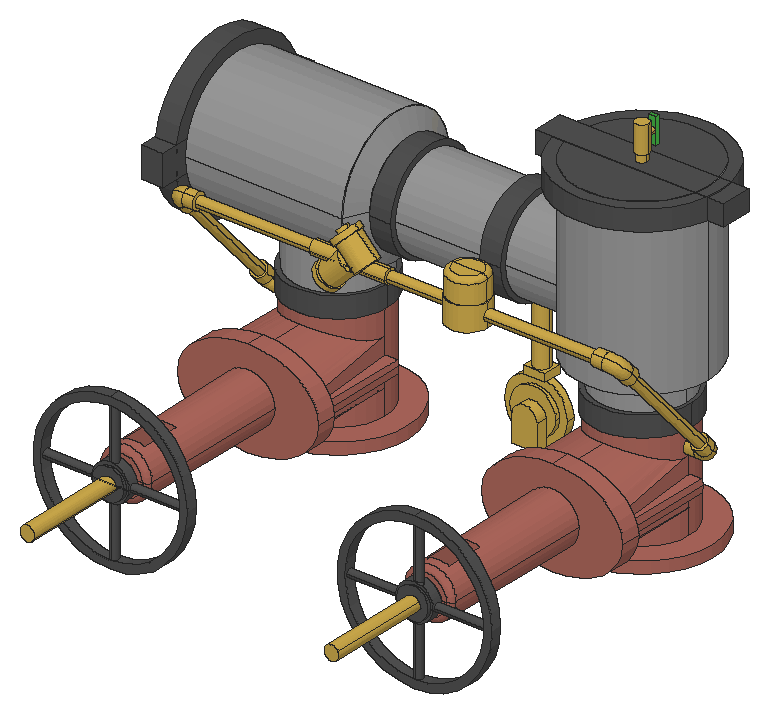
Revit family "Backflow_Preventer-RP-Zurn_Wilkins_Model_475STDAR_Flanged (4-10_inch)", category Pipe Accessories, Revit 2022 (continued)
Definition of nested family "475STDA Bypass"
  Definition of nested family "450STDA"
    Forms (in)
      Sweep 1, solid, detail levels fine
        profile origin (-7.125, 0, 6) x (0, 0, -1) y (0, -1, 0)
          loop
            circle (0, 0) r 0.5
      Sweep 2, solid, detail levels fine
        path origin (0, 0, 0) x (-1, 0, 0) y (0, 0, -1)
          loop
            line (-6.5, -6) -> (-7.75, -6)
            arc (-7.75, -6) -> (-8.28033, -5.78033) -> (-8.5, -5.25) r 0.75
            line (-8.5, -5.25) -> (-8.5, 5.25)
            arc (-8.5, 5.25) -> (-8.28033, 5.78033) -> (-7.75, 6) r 0.75
            line (-7.75, 6) -> (-4, 6)
        profile origin (7.125, 0, 6) x (0, 0, 1) y (0, -1, 0)
          loop
            circle (0, 0) r 0.5
      Sweep 3, solid, detail levels fine
        path origin (0, 0, 0) x (1, 0, 0) y (0, 0, 1)
          loop
            line (-6.5, 6) -> (-7.5, 6)
            arc (-7.5, 6) -> (-8.20711, 5.70711) -> (-8.5, 5) r 1
            line (-8.5, 5) -> (-8.5, 4)
        profile origin (-7, 0, 6) x (0, 0, -1) y (0, -1, 0)
          loop
            circle (0, 0) r 0.75
      Sweep 4, solid, detail levels fine
        path origin (0, 0, 0) x (-1, 0, 0) y (0, 0, -1)
          loop
            line (-6.5, -6) -> (-7.5, -6)
            arc (-7.5, -6) -> (-8.20711, -5.70711) -> (-8.5, -5) r 1
            line (-8.5, -5) -> (-8.5, -4)
        profile origin (7, 0, 6) x (0, 0, 1) y (0, -1, 0)
          loop
            circle (0, 0) r 0.75
      Sweep 5, solid, detail levels fine
        path origin (0, 0, 0) x (1, 0, 0) y (0, 0, 1)
          loop
            line (-6.5, -6) -> (-7.5, -6)
            arc (-7.5, -6) -> (-8.20711, -5.70711) -> (-8.5, -5) r 1
            line (-8.5, -5) -> (-8.5, -4)
        profile origin (-7, 0, -6) x (0, 0, -1) y (0, -1, 0)
          loop
            circle (0, 0) r 0.75
      Sweep 6, solid, detail levels fine
        path origin (0, 0, 0) x (-1, 0, 0) y (0, 0, -1)
          loop
            line (-6.5, 6) -> (-7.5, 6)
            arc (-7.5, 6) -> (-8.20711, 5.70711) -> (-8.5, 5) r 1
            line (-8.5, 5) -> (-8.5, 4)
        profile origin (7, 0, -6) x (0, 0, 1) y (0, -1, 0)
          loop
            circle (0, 0) r 0.75
    Cuts and joins
      joined: Sweep 1, Sweep 2, Sweep 3, Sweep 4, Sweep 5, Sweep 6
    Dimensions and locks (in)
      equal spacing: plane 5 "Right side Plane", plane 3 "Center (Left/Right)", plane 4 "Left Side Plane"
      "Pipe Length": plane 5 "Right side Plane" to plane 4 "Left Side Plane"
      equal spacing: plane 8 "Top Plane", plane 2, plane 9 "Bottom Plane"
      "Total pipe height": plane 8 "Top Plane" to plane 9 "Bottom Plane"
      equal spacing: plane 7 "Front Plane", plane 1 "Center (Front/Back)", plane 6 "Back Plane"
      "Width": plane 7 "Front Plane" to plane 6 "Back Plane"
      "Top End Connection": plane 10 to plane 4 "Left Side Plane"
      "Top End Connection": plane 5 "Right side Plane" to plane 11
      Sweep 3 sketch curve to plane 4 "Left Side Plane" = 0' - 2"
      plane 8 "Top Plane" to Sweep 3 sketch curve = 0' - 2"
      locked: Sweep 5 sketch curve to plane 9 "Bottom Plane" at 2
      locked: Sweep 5 sketch curve to plane 4 "Left Side Plane" at 2
      locked: plane 5 "Right side Plane" to Sweep 6 sketch curve at 2
      locked: Sweep 6 sketch curve to plane 9 "Bottom Plane" at 2
      locked: plane 5 "Right side Plane" to Sweep 4 sketch curve at 2
      locked: plane 8 "Top Plane" to Sweep 4 sketch curve at 2
      equal spacing: plane 13, plane 3 "Center (Left/Right)", plane 12
      "Bottom End Connection width": plane 13 to plane 12
      "Pipe radius": radius of Sweep 1 sketch curve
      "Pipe radius": radius of Sweep 2 sketch curve
      aligned and locked: plane 2 to level
      aligned and locked: Sweep 1 sketch curve to plane 8 "Top Plane"
      aligned and locked: plane 9 "Bottom Plane" to Sweep 1 sketch curve
      aligned and locked: Sweep 1 sketch curve to plane 4 "Left Side Plane"
      aligned and locked: plane 8 "Top Plane" to Sweep 2 sketch curve
      aligned and locked: Sweep 2 sketch curve to plane 9 "Bottom Plane"
      aligned and locked: Sweep 2 sketch curve to plane 5 "Right side Plane"
      aligned and locked: plane 10 to Sweep 1 sketch curve
      aligned and locked: plane 11 to Sweep 2 sketch curve
      aligned and locked: plane 4 "Left Side Plane" to Sweep 5 sketch curve
      aligned and locked: Sweep 5 sketch curve to plane 9 "Bottom Plane"
      aligned and locked: plane 5 "Right side Plane" to Sweep 6 sketch curve
      aligned and locked: plane 9 "Bottom Plane" to Sweep 6 sketch curve
      aligned and locked: Sweep 4 sketch curve to plane 5 "Right side Plane"
      aligned and locked: plane 8 "Top Plane" to Sweep 4 sketch curve
      aligned and locked: plane 12 to Sweep 1 sketch curve
      aligned and locked: plane 13 to Sweep 2 sketch curve
    Automatic sketch dimensions
      Sweep 1 sketch curve to Sweep 1 sketch curve = 0' - 0 3/4"
      plane 4 "Left Side Plane" to Sweep 1 sketch curve = 0' - 0 3/4"
      Sweep 2 sketch curve to Sweep 2 sketch curve = 0' - 0 3/4"
      Sweep 2 sketch curve to plane 5 "Right side Plane" = 0' - 0 3/4"
      Sweep 3 sketch curve to plane 4 "Left Side Plane" = 0' - 0"
      Sweep 3 sketch curve to plane 8 "Top Plane" = 0' - 0"
      plane 4 "Left Side Plane" to Sweep 3 sketch curve = 0' - 1"
      Sweep 3 sketch curve to plane 1 "Center (Front/Back)" = 0' - 0"
      Sweep 3 sketch curve to profile plane = 0' - 0"
      Sweep 4 sketch curve to plane 5 "Right side Plane" = 0' - 1"
      Sweep 4 sketch curve to plane 1 "Center (Front/Back)" = 0' - 0"
      profile plane to Sweep 4 sketch curve = 0' - 0"
      plane 4 "Left Side Plane" to Sweep 5 sketch curve = 0' - 1"
      Sweep 5 sketch curve to plane 1 "Center (Front/Back)" = 0' - 0"
      Sweep 5 sketch curve to profile plane = 0' - 0"
      Sweep 6 sketch curve to plane 5 "Right side Plane" = 0' - 1"
      Sweep 6 sketch curve to plane 1 "Center (Front/Back)" = 0' - 0"
      profile plane to Sweep 6 sketch curve = 0' - 0"
      Sweep 1 sketch curve to plane 1 "Center (Front/Back)" = 0' - 0"
      Sweep 1 sketch curve to profile plane = 0' - 0"
      Sweep 2 sketch curve to plane 1 "Center (Front/Back)" = 0' - 0"
      profile plane to Sweep 2 sketch curve = 0' - 0"
      radius of Sweep 3 sketch curve = 0' - 0 3/4"
      radius of Sweep 4 sketch curve = 0' - 0 3/4"
      radius of Sweep 5 sketch curve = 0' - 0 3/4"
      radius of Sweep 6 sketch curve = 0' - 0 3/4"
Definition of nested family "Zurn_Wilkins_Model_475STDAR-(4-10_Inch)"
  Parameters (values of type "4 inch")
    zero = 0' - 0"
    bottom of blend length = 0' - 0 1/2"
    Width = 1' - 0"
    Weight = ""
    URL = "http://www.zurn.com/"
    Top of Ball Valve Center = 2' - 1 13/32"
    Standards Compliance = ""
    Specification Sheet URL = ""
    Side Body Length = 1' - 2 5/16"
    Side Body Height = 0' - 6"
    Side Body Diameter = 0' - 4 1/2"
    Second coupling distance = 0' - 5"
    Right Side of Body Length = 0' - 7 9/16"
    Repair Parts URL = ""
    Rated Flow = 0 GPM
    Product Page URL = ""
    Product Install & Maintenance Sheet URL [instance] = ""
    Pressure Loss at Rated Flow = 0.00 psi
    Overall length = 1' - 8 1/2"
    Nominal Radius = 0' - 3 5/16"
    Nipple dia. = 0' - 1"
    Nipple Length = 0' - 0 1/8"
    Model = "450ST body"
    Max Working Water Temperature = 0 °F
    Max Working Water Pressure = 0.00 psi
    Manufacturer = "Zurn Wilkins"
    Loss Method = (empty or 0)
    Lg coupling width = 0' - 1 1/2"
    Lg coupling thickness = 0' - 1 31/32"
    Lg Coupling dia = Lg Coupling Radius * 2  # 0' - 7 9/32"
    Lg Coupling Radius = 0' - 3 41/64"
    Main Body Height = 0' - 10 5/8"
    Main Body Diameter = 0' - 6 5/8"
    Main Body Coupling Height = 0' - 1 15/16"
    Length = 2' - 0"
    Hydrostatic Test Pressure = 0.00 psi
    Height to Inlet = 0' - 6"
    Height = 1' - 0"
    Green Handle = 0' - 0.31842"
    Flow = ""
    Dim. A = 1' - 6 5/16"
    Dim to coupling = 0' - 7 3/8"
    Dim D = 0' - 4 31/32"
    Description = "450ST Double Check Valve Body"
    Default Elevation = 0' - 0"
    Coupling Radius = 0' - 2 13/16"
    Coupling Height = 0' - 1 1/2"
    Green Handle Width = 0' - 0.63283"
    Bottom coupling thickness = 0' - 1 1/4"
    Blend Width = 0' - 0 1/2"
    Ball Valve Length = 0' - 2 1/2"
    Ball Valve Handle Width = 0' - 0 5/32"
    Ball Valve Handle Height = 0' - 1 1/4"
    Ball Valve Handle Dia. = 0' - 0 1/2"
    Ball Valve Dia. = 0' - 1 1/4"
    4" Coupling dia = 0' - 5 1/2"
  Types (4): name | bottom of blend length | Side Body Length | Side Body Height | Side Body Diameter | Second coupling distance | Right Side of Body Length | Nominal Radius | Nipple Length | Lg coupling thickness | Lg Coupling dia | Lg Coupling Radius | Main Body Height | Main Body Diameter | Main Body Coupling Height | Height to Inlet | Dim. A | Dim to coupling | Dim D | Coupling Radius | Coupling Height | Bottom coupling thickness | Blend Width | Ball Valve Handle Width | 4" Coupling dia
    4 inch | 0' - 0 1/2" | 1' - 2 5/16" | 0' - 6" | 0' - 4 1/2" | 0' - 5" | 0' - 7 9/16" | 0' - 3 5/16" | 0' - 0 1/8" | 0' - 1 31/32" | 0' - 7 9/32" | 0' - 3 41/64" | 0' - 10 5/8" | 0' - 6 5/8" | 0' - 1 15/16" | 0' - 6" | 1' - 6 5/16" | 0' - 7 3/8" | 0' - 4 31/32" | 0' - 2 13/16" | 0' - 1 1/2" | 0' - 1 1/4" | 0' - 0 1/2" | 0' - 0 5/32" | 0' - 5 1/2"
    6" | 0' - 0 183/256" | 1' - 0 11/16" | 0' - 7 9/16" | 0' - 6 5/8" | 0' - 2 3/16" | 0' - 11 9/16" | 0' - 3" | 0' - 0 1/4" | 0' - 2 1/32" | 0' - 10 5/16" | 0' - 5 5/32" | 1' - 2 5/8" | 0' - 8 5/8" | 0' - 2" | 0' - 7 9/16" | 1' - 6 11/16" | 0' - 7 13/16" | 0' - 6 5/16" | 0' - 4 1/64" | 0' - 2" | 0' - 1 9/32" | 0' - 0 225/256" | 0' - 0 5/32" | 0' - 7 1/2"
    8" | 0' - 0 183/256" | 1' - 10 1/2" | 0' - 10" | 0' - 8 5/8" | 0' - 10 1/2" | 1' - 3" | 0' - 4" | 0' - 0 23/32" | 0' - 2 29/32" | 1' - 3" | 0' - 7 1/2" | 1' - 8 5/32" | 1' - 0 3/4" | 0' - 2" | 0' - 9 5/8" | 2' - 5" | 0' - 9 5/8" | 0' - 8 31/32" | 0' - 4 25/32" | 0' - 2" | 0' - 2" | 0' - 0 225/256" | 0' - 6 1/2" | 0' - 9 1/2"
    10" | 0' - 0 183/256" | 1' - 10 1/2" | 0' - 10" | 0' - 10 3/4" | 0' - 8" | 1' - 2" | 0' - 4 7/32" | 0' - 0 23/32" | 0' - 2 29/32" | 1' - 3" | 0' - 7 1/2" | 1' - 10 17/32" | 1' - 0 3/4" | 0' - 2 1/2" | 0' - 10" | 2' - 5" | 0' - 11 3/4" | 0' - 8 31/32" | 0' - 6 1/2" | 0' - 2" | 0' - 2" | 0' - 0 225/256" | 0' - 6 1/2" | 1' - 0 1/2"
  Reference planes (in)
    plane 1 "Center (Front/Back)": y = 0
    plane 2: z = 0
    plane 3 "Center (Left/Right)": x = 0
    plane 4 "Left Side Plane": x = -12
    plane 5 "Right side Plane": x = 12
    plane 6 "Back Plane": y = 6
    plane 7 "Front Plane": y = -6
    plane 8 "Top Plane": z = 6
    plane 9 "Bottom Plane": z = -6
    plane 10: x = 14.3125
    plane 11: x = 15.3125
    plane 12 "Dim A": x = 18.3125
    plane 13 "Center of Side Body": z = 6
    plane 14: x = 22.875
    plane 15: z = 1.5
    plane 16: z = 8.6875
    plane 17: x = 24.8125
    plane 18: x = 7.375
    plane 19: x = 8.875
    plane 20: z = 10.625
    plane 21: z = 10.75
    plane 22: x = 27.4375
    plane 23: y = 0
    plane 24: x = 33.90625
    plane 25: y = 0.31642
    plane 26: y = -0.31642
    plane 27: z = 7.25
    plane 28: z = 13.25
    plane 29: z = 12
    plane 30: x = 26.16783
    plane 31: y = -1.25
    plane 32: x = 0
    plane 33: z = 15.5
    plane 34: x = -0.31642
    plane 35: x = 0.31642
    plane 36: x = 24.9375
    plane 37: z = 7.56842
    plane 38: y = -1.56842
    plane 39: z = 2
    plane 40: z = 2.5
    plane 41: z = 0.96223
    plane 42: z = -0.53777
    plane 43: y = 2.25
    plane 44: y = -2.25
    plane 45: y = 2.8125
    plane 46: y = -2.8125
    plane 47: y = 3.3125
    plane 48: y = -3.3125
    plane 49: y = 4
    plane 50: y = -4
    plane 51: y = 0.625
    plane 52: y = -0.625
    plane 53: z = 0.625
    plane 54: z = -0.625
    plane 55: y = 4.96875
    plane 56: y = -4.96875
    plane 57: z = 6.78215
    plane 58: z = 6.98437
    plane 59: z = 5.01562
    plane 60: y = 0.98437
    plane 61: y = -0.98438
    plane 62: x = -4.96875
    plane 63: x = 4.96875
    plane 64: y = 0.98437
    plane 65: y = -0.98438
    plane 66: x = -4.96875
    plane 67 "wewdwewe": z = 0
    plane 68: x = 12.375
    plane 69: x = 13.875
  Forms (in)
    Extrusion 1, solid, detail levels fine
      sketch origin (0, 0, 0) x (1, 0, 0) y (0, 1, 0)
        loop
          circle (0, 0) r 2.25
      from 0 to 6
    Extrusion 2, solid, detail levels fine
      sketch origin (0, 0, 0) x (1, 0, 0) y (0, 1, 0)
        loop
          circle (0, 0) r 3.3125
      from 2.5 to 10.625
    Blend 3, solid, detail levels fine
      base sketch origin (0, 0, 0) x (1, 0, 0) y (0, 1, 0)
        loop
          circle (0, 0) r 2.25
      top sketch origin (0, 0, 0) x (1, 0, 0) y (0, 1, 0)
        loop
          circle (0, 0) r 3.3125
      from 2 to 2.5
    Extrusion 4, solid, detail levels fine
      sketch origin (0, 0, 0) x (1, 0, 0) y (0, 1, 0)
        loop
          circle (0, 0) r 3.64063
      from 8.6875 to 10.625
    Extrusion 5, solid, detail levels fine
      sketch origin (0, 0, 0) x (0, 1, 0) y (0, 0, 1)
        loop
          circle (0, 6) r 2.25
      from 0 to 14.3125
    Blend 6, solid, detail levels fine
      base sketch origin (0, 0, 0) x (0, 1, 0) y (0, 0, 1)
        loop
          circle (0, 6) r 2.25
      top sketch origin (0, 0, 0) x (0, 1, 0) y (0, 0, 1)
        loop
          circle (0, 6) r 3.3125
      from 14.3125 to 15.3125
    Extrusion 7, solid, detail levels fine
      sketch origin (0, 0, 0) x (1, 0, 0) y (0, 1, 0)
        loop
          circle (18.3125, 0) r 2.25
      from 0 to 6
    Extrusion 8, solid, detail levels fine
      sketch origin (0, 0, 0) x (0, 1, 0) y (0, 0, 1)
        loop
          circle (0, 6) r 3.3125
      from 15.3125 to 22.875
    Extrusion 9, solid, detail levels fine
      sketch origin (0, 0, 0) x (0, 1, 0) y (0, 0, 1)
        loop
          circle (0, 6) r 3.64063
      from 24.8125 to 22.875
    Extrusion 10, solid, detail levels fine
      sketch origin (0, 0, 0) x (0, 1, 0) y (0, 0, 1)
        loop
          circle (0, 6) r 2.8125
      from 7.375 to 8.875
    Extrusion 11, solid, detail levels fine
      sketch origin (0, 0, 0) x (1, 0, 0) y (0, 1, 0)
        loop
          circle (0, 0) r 0.5
      from 10.625 to 10.75
    Extrusion 12, solid, detail levels fine
      sketch origin (0, 0, 0) x (0, 1, 0) y (0, 0, 1)
        loop
          circle (0, 6) r 0.5
      from 24.8125 to 24.9375
    Extrusion 13, solid, detail levels fine
      sketch origin (0, 0, 0) x (0, 1, 0) y (0, 0, 1)
        loop
          circle (0, 6) r 0.625
      from 24.9375 to 27.4375
    Extrusion 14, solid, detail levels fine
      sketch origin (10.98033, 0, 0) x (1, 0, 0) y (0, 1, 0)
        loop
          circle (15.1875, 0) r 0.25
      from 6 to 7.25
    Extrusion 15, solid, detail levels fine
      sketch origin (8.5, 0, 0) x (1, 0, 0) y (0, 1, 0)
        loop
          line (16.4375, 0.31642) -> (16.4375, -0.31642) -> (18.9375, -0.31642) -> (18.9375, 0.31642) -> (16.4375, 0.31642)
      from 7.25 to 7.56842
    Extrusion 16, solid, detail levels fine
      sketch origin (0, 0, 0) x (1, 0, 0) y (0, 1, 0)
        loop
          circle (0, 0) r 0.625
      from 10.75 to 13.25
    Extrusion 17, solid, detail levels fine
      sketch origin (0, 0, 0) x (1, 0, 0) y (0, 0, 1)
        loop
          circle (0, 12) r 0.25
      from 0 to 1.25
    Extrusion 18, solid, detail levels fine
      sketch origin (0, 0, 0) x (1, 0, 0) y (0, 0, 1)
        loop
          line (-0.31642, 13.25) -> (-0.31642, 10.75) -> (0.31642, 10.75) -> (0.31642, 13.25) -> (-0.31642, 13.25)
      from 1.25 to 1.56842
    Extrusion 19, solid, detail levels fine
      sketch origin (0, 0, 0) x (1, 0, 0) y (0, 1, 0)
        loop
          circle (0, 0) r 2.75
        loop
          circle (18.3125, 0) r 2.75
      from -0.625 to 0.625
    Extrusion 20, solid, detail levels fine
      sketch origin (0, 0, 0) x (0, 1, 0) y (0, 0, 1)
        loop
          line (-4.96875, 6.98437) -> (-4.96875, 5.01562) -> (4.96875, 5.01562) -> (4.96875, 6.98437) -> (-4.96875, 6.98437)
      from 24.8125 to 22.875
    Extrusion 21, solid, detail levels fine
      sketch origin (0, 0, 0) x (1, 0, 0) y (0, 1, 0)
        loop
          line (-4.96875, 0.98437) -> (-4.96875, -0.98438) -> (4.96875, -0.98438) -> (4.96875, 0.98437) -> (-4.96875, 0.98437)
      from 8.6875 to 10.625
    Extrusion 22, solid, detail levels fine
      sketch origin (0, 0, 0) x (0, 1, 0) y (0, 0, 1)
        loop
          circle (0, 6) r 2.8125
      from 12.375 to 13.875
  Lines and regions (in)
    Masking region 1, detail levels fine
      outline origin (0, 0, 0) x (1, 0, 0) y (0, 1, 0)
        loop
          arc (2.86211, 2.25) -> (-0.70978, 3.57077) -> (-3.50502, 0.98437) r 3.64063
          line (-3.50502, 0.98437) -> (-4.96875, 0.98437) -> (-4.96875, -0.98438) -> (-3.50502, -0.98438)
          arc (-3.50502, -0.98438) -> (-0.70978, -3.57077) -> (2.86211, -2.25) r 3.64063
          line (2.86211, -2.25) -> (7.375, -2.25) -> (7.375, -2.8125) -> (8.875, -2.8125) -> (8.875, -2.25) -> (12.375, -2.25) -> (12.375, -2.8125) -> (13.875, -2.8125) -> (13.875, -2.25) -> (14.3125, -2.25) -> (15.3125, -3.3125) -> (22.875, -3.3125) -> (22.875, -4.96875) -> (24.8125, -4.96875) -> (24.8125, -0.625) -> (27.4375, -0.625) -> (27.4375, 0.625) -> (24.8125, 0.625) -> (24.8125, 4.96875) -> (22.875, 4.96875) -> (22.875, 3.3125) -> (15.3125, 3.3125) -> (14.3125, 2.25) -> (13.875, 2.25) -> (13.875, 2.8125) -> (12.375, 2.8125) -> (12.375, 2.25) -> (8.875, 2.25) -> (8.875, 2.8125) -> (7.375, 2.8125) -> (7.375, 2.25) -> (2.86211, 2.25)
  Dimensions and locks (in)
    equal spacing: plane 5 "Right side Plane", plane 3 "Center (Left/Right)", plane 4 "Left Side Plane"
    "Length": plane 5 "Right side Plane" to plane 4 "Left Side Plane"
    equal spacing: plane 8 "Top Plane", plane 2, plane 9 "Bottom Plane"
    "Height": plane 8 "Top Plane" to plane 9 "Bottom Plane"
    equal spacing: plane 7 "Front Plane", plane 1 "Center (Front/Back)", plane 6 "Back Plane"
    "Width": plane 7 "Front Plane" to plane 6 "Back Plane"
    "Side Body Length": plane 3 "Center (Left/Right)" to plane 10
    locked: plane 10 to plane 11 at 1
    "Dim. A": plane 3 "Center (Left/Right)" to plane 12 "Dim A"
    locked: Extrusion 7 sketch curve to plane 12 "Dim A"
    locked: Extrusion 7 sketch curve to plane 1 "Center (Front/Back)"
    "Height to Inlet": plane 13 "Center of Side Body" to plane 2
    "Right Side of Body Length": plane 14 to plane 11
    "Coupling Height": plane 15 to plane 2
    "Main Body Coupling Height": plane 17 to plane 14
    "Dim to coupling": plane 18 to plane 3 "Center (Left/Right)"
    "Coupling Height": plane 19 to plane 18
    "Main Body Height": plane 20 to plane 2
    "Main Body Coupling Height": plane 20 to plane 16
    "Nipple Length": plane 21 to plane 20
    Extrusion 12 sketch curve to plane 1 "Center (Front/Back)" = 0' - 0"
    "Ball Valve Length": plane 28 to plane 21
    equal spacing: plane 28, plane 29, plane 21, locked at 1.25 each
    plane 30 to plane 22 = 0' - 1.26967"
    locked: plane 30 to Extrusion 14 sketch curve
    locked: Extrusion 14 sketch curve to plane 1 "Center (Front/Back)"
    locked: Extrusion 17 sketch curve to plane 3 "Center (Left/Right)"
    locked: Extrusion 17 sketch curve to plane 29
    "Green Handle Width": plane 25 to plane 26
    "Green Handle Width": plane 35 to plane 34
    equal spacing: plane 35, plane 32, plane 34, locked at 0.31642 each
    "Height to Inlet": Extrusion 12 sketch curve to plane 2
    "Nipple Length": plane 17 to plane 36
    "Ball Valve Length": plane 36 to plane 22
    "Ball Valve Handle Height": plane 27 to plane 13 "Center of Side Body"
    "Green Handle": plane 37 to plane 27
    "Ball Valve Handle Height": plane 31 to plane 1 "Center (Front/Back)"
    "Green Handle": plane 31 to plane 38
    plane 17 to plane 3 "Center (Left/Right)" = 2' - 0 13/16"
    "bottom of blend length": plane 39 to plane 15
    "Blend Width": plane 40 to plane 39
    "Coupling Height": plane 41 to plane 42
    equal spacing: plane 44, plane 1 "Center (Front/Back)", plane 43
    "Coupling Radius": plane 46 to plane 1 "Center (Front/Back)" to plane 45
    equal spacing: plane 47, plane 1 "Center (Front/Back)", plane 48
    plane 50 to plane 1 "Center (Front/Back)" to plane 49 = 0' - 4" locked, 0' - 4" locked
    plane 51 to plane 1 "Center (Front/Back)" to plane 52 = 0' - 0 5/8" locked, 0' - 0 5/8" locked
    equal spacing: plane 53, level, plane 54
    "Bottom coupling thickness": plane 53 to plane 54
    equal spacing: plane 56, plane 1 "Center (Front/Back)", plane 55
    "Dim D": plane 1 "Center (Front/Back)" to plane 55
    equal spacing: plane 62, plane 3 "Center (Left/Right)", plane 63
    "Dim D": plane 3 "Center (Left/Right)" to plane 63
    equal spacing: plane 65, plane 1 "Center (Front/Back)", plane 64
    "Dim D": plane 66 to plane 3 "Center (Left/Right)"
    "Side Body Diameter": plane 44 to plane 43
    "Main Body Diameter": plane 47 to plane 48
    "Lg coupling thickness": plane 65 to plane 64
    equal spacing: plane 58, plane 13 "Center of Side Body", plane 59
    "Lg coupling thickness": plane 59 to plane 58
    equal spacing: plane 61, plane 1 "Center (Front/Back)", plane 60
    "Lg coupling thickness": plane 61 to plane 60
    "Second coupling distance": plane 68 to plane 18
    "Coupling Height": plane 69 to plane 68
    "Main Body Diameter": diameter of Blend 3 sketch curve
    "Main Body Diameter": diameter of Extrusion 2 sketch curve
    "Lg Coupling Radius": radius of Extrusion 4 sketch curve
    "Side Body Diameter": diameter of Extrusion 5 sketch curve
    "Side Body Diameter": diameter of Blend 6 sketch curve
    "Main Body Diameter": diameter of Blend 6 sketch curve
    "Main Body Diameter": diameter of Extrusion 8 sketch curve
    "Lg Coupling Radius": radius of Extrusion 9 sketch curve
    "Coupling Radius": radius of Extrusion 10 sketch curve
    "Nipple dia.": diameter of Extrusion 11 sketch curve
    "Nipple dia.": diameter of Extrusion 12 sketch curve
    "Ball Valve Dia.": diameter of Extrusion 13 sketch curve
    "Ball Valve Dia.": diameter of Extrusion 16 sketch curve
    "Ball Valve Handle Dia.": diameter of Extrusion 17 sketch curve
    "Ball Valve Handle Dia.": diameter of Extrusion 14 sketch curve
    "Side Body Diameter": diameter of Extrusion 7 sketch curve
    "Side Body Diameter": diameter of Extrusion 1 sketch curve
    "Side Body Diameter": diameter of Blend 3 sketch curve
    "4" Coupling dia": diameter of Extrusion 19 sketch curve  (x2)
    "Lg Coupling dia": diameter of Masking region 1 sketch curve  (x2)
    "Coupling Radius": radius of Extrusion 22 sketch curve
    aligned and locked: plane 2 to level
    aligned and locked: Blend 3 to Extrusion 2
    aligned and locked: Extrusion 4 to Extrusion 2
    aligned and locked: Extrusion 5 to plane 3 "Center (Left/Right)"
    aligned and locked: Extrusion 5 to plane 10
    aligned and locked: Blend 6 to plane 11
    aligned and locked: Blend 6 to Extrusion 5
    aligned and locked: plane 13 "Center of Side Body" to Extrusion 7
    aligned and locked: plane 11 to Extrusion 8
    aligned and locked: plane 14 to Extrusion 8
    aligned and locked: plane 14 to Extrusion 9
    aligned and locked: Extrusion 9 to plane 17
    aligned and locked: Extrusion 10 to plane 18
    aligned and locked: plane 19 to Extrusion 10
    aligned and locked: Extrusion 4 to plane 20
    aligned and locked: plane 20 to Extrusion 11
    aligned and locked: Extrusion 11 to plane 21
    aligned and locked: Extrusion 7 to Extrusion 14
    aligned and locked: Extrusion 15 sketch curve to plane 25
    aligned and locked: plane 26 to Extrusion 15 sketch curve
    aligned and locked: plane 21 to Extrusion 16
    aligned and locked: Extrusion 16 to plane 28
    aligned and locked: plane 23 to plane 1 "Center (Front/Back)"
    aligned and locked: Extrusion 17 to plane 31
    aligned and locked: plane 28 to Extrusion 18 sketch curve
    aligned and locked: Extrusion 18 sketch curve to plane 21
    aligned and locked: Extrusion 18 sketch curve to plane 34
    aligned and locked: plane 35 to Extrusion 18 sketch curve
    aligned and locked: plane 32 to plane 3 "Center (Left/Right)"
    aligned and locked: plane 16 to Extrusion 4
    aligned and locked: Extrusion 12 to plane 17
    aligned and locked: Extrusion 12 to plane 36
    aligned and locked: plane 36 to Extrusion 13
    aligned and locked: plane 22 to Extrusion 13
    aligned and locked: plane 27 to Extrusion 14
    aligned and locked: plane 36 to Extrusion 15
    aligned and locked: plane 22 to Extrusion 15
    aligned and locked: Extrusion 15 to plane 27
    aligned and locked: plane 37 to Extrusion 15
    aligned and locked: plane 31 to Extrusion 18
    aligned and locked: plane 38 to Extrusion 18
    aligned and locked: plane 13 "Center of Side Body" to Extrusion 1
    aligned and locked: Blend 3 to plane 39
    aligned and locked: plane 40 to Extrusion 2
    aligned and locked: Extrusion 1 to plane 2
    aligned and locked: plane 3 "Center (Left/Right)" to Masking region 1 sketch curve  (x2)
    aligned and locked: plane 1 "Center (Front/Back)" to Masking region 1 sketch curve  (x2)
    aligned and locked: Masking region 1 sketch curve to plane 14
    aligned and locked: plane 14 to Masking region 1 sketch curve
    aligned and locked: Masking region 1 sketch curve to plane 17
    aligned and locked: plane 17 to Masking region 1 sketch curve
    aligned and locked: plane 19 to Masking region 1 sketch curve
    aligned and locked: Masking region 1 sketch curve to plane 18
    aligned and locked: plane 18 to Masking region 1 sketch curve
    aligned and locked: Masking region 1 sketch curve to plane 19
    aligned and locked: plane 10 to Masking region 1 sketch curve  (x2)
    aligned and locked: plane 11 to Masking region 1 sketch curve  (x2)
    aligned and locked: Masking region 1 sketch curve to plane 43  (x3)
    aligned and locked: plane 44 to Masking region 1 sketch curve  (x4)
    aligned and locked: Masking region 1 sketch curve to plane 45
    aligned and locked: plane 46 to Masking region 1 sketch curve
    aligned and locked: plane 47 to Masking region 1 sketch curve
    aligned and locked: Masking region 1 sketch curve to plane 48
    aligned and locked: plane 43 to Masking region 1 sketch curve
    aligned and locked: plane 22 to Masking region 1 sketch curve
    aligned and locked: plane 51 to Masking region 1 sketch curve
    aligned and locked: Masking region 1 sketch curve to plane 52
    aligned and locked: plane 3 "Center (Left/Right)" to Extrusion 19 sketch curve
    aligned and locked: plane 1 "Center (Front/Back)" to Extrusion 19 sketch curve  (x2)
    aligned and locked: plane 12 "Dim A" to Extrusion 19 sketch curve
    aligned and locked: Extrusion 19 to plane 54
    aligned and locked: plane 53 to Extrusion 19
    aligned and locked: plane 58 to Extrusion 20 sketch curve
    aligned and locked: plane 59 to Extrusion 20 sketch curve
    aligned and locked: Extrusion 20 sketch curve to plane 55
    aligned and locked: Extrusion 20 sketch curve to plane 56
    aligned and locked: Extrusion 9 to Extrusion 20
    aligned and locked: Extrusion 20 to plane 14
    aligned and locked: plane 55 to Masking region 1 sketch curve
    aligned and locked: Masking region 1 sketch curve to plane 56
    aligned and locked: plane 61 to Extrusion 21 sketch curve
    aligned and locked: plane 60 to Extrusion 21 sketch curve
    aligned and locked: plane 62 to Extrusion 21 sketch curve
    aligned and locked: plane 63 to Extrusion 21 sketch curve
    aligned and locked: Extrusion 21 to Extrusion 4
    aligned and locked: Extrusion 21 to Extrusion 2
    aligned and locked: Masking region 1 sketch curve to plane 64
    aligned and locked: Masking region 1 sketch curve to plane 66
    aligned and locked: Masking region 1 sketch curve to plane 65
    aligned and locked: plane 65 to Masking region 1 sketch curve
    aligned and locked: plane 1 "Center (Front/Back)" to Extrusion 8 sketch curve
    aligned and locked: plane 13 "Center of Side Body" to Extrusion 8 sketch curve
    aligned and locked: plane 1 "Center (Front/Back)" to Extrusion 5 sketch curve
    aligned and locked: plane 13 "Center of Side Body" to Extrusion 5 sketch curve
    aligned and locked: plane 1 "Center (Front/Back)" to Extrusion 10 sketch curve
    aligned and locked: plane 13 "Center of Side Body" to Extrusion 10 sketch curve
    aligned and locked: plane 1 "Center (Front/Back)" to Blend 6 sketch curve  (x2)
    aligned and locked: plane 13 "Center of Side Body" to Blend 6 sketch curve  (x2)
    aligned and locked: plane 1 "Center (Front/Back)" to Extrusion 9 sketch curve
    aligned and locked: plane 13 "Center of Side Body" to Extrusion 9 sketch curve
    aligned and locked: plane 1 "Center (Front/Back)" to Extrusion 2 sketch curve
    aligned and locked: plane 3 "Center (Left/Right)" to Extrusion 2 sketch curve
    aligned and locked: plane 3 "Center (Left/Right)" to Blend 3 sketch curve  (x2)
    aligned and locked: plane 1 "Center (Front/Back)" to Blend 3 sketch curve  (x2)
    aligned and locked: plane 3 "Center (Left/Right)" to Extrusion 1 sketch curve
    aligned and locked: plane 1 "Center (Front/Back)" to Extrusion 1 sketch curve
    aligned and locked: plane 3 "Center (Left/Right)" to Extrusion 4 sketch curve
    aligned and locked: plane 1 "Center (Front/Back)" to Extrusion 4 sketch curve
    aligned and locked: plane 1 "Center (Front/Back)" to Extrusion 11 sketch curve
    aligned and locked: plane 3 "Center (Left/Right)" to Extrusion 11 sketch curve
    aligned and locked: plane 3 "Center (Left/Right)" to Extrusion 16 sketch curve
    aligned and locked: plane 1 "Center (Front/Back)" to Extrusion 16 sketch curve
    aligned and locked: Extrusion 7 to level
    aligned and locked: level to plane 67 "wewdwewe"
    aligned and locked: plane 1 "Center (Front/Back)" to Extrusion 13 sketch curve
    aligned and locked: plane 13 "Center of Side Body" to Extrusion 13 sketch curve
    aligned and locked: plane 1 "Center (Front/Back)" to Extrusion 22 sketch curve
    aligned and locked: plane 13 "Center of Side Body" to Extrusion 22 sketch curve
    aligned and locked: plane 69 to Extrusion 22
    aligned and locked: Extrusion 22 to plane 68
    aligned and locked: Masking region 1 sketch curve to plane 46
    aligned and locked: plane 69 to Masking region 1 sketch curve
    aligned and locked: Masking region 1 sketch curve to plane 68
    aligned and locked: plane 45 to Masking region 1 sketch curve
    aligned and locked: Masking region 1 sketch curve to plane 69
    aligned and locked: plane 68 to Masking region 1 sketch curve
  Automatic sketch dimensions
    Extrusion 15 sketch curve to plane 36 = 0' - 0"
    plane 22 to Extrusion 15 sketch curve = 0' - 0"
Definition of nested family "Symbolic diagram 475DAOSY_F"
  Parameters (values of type "8"")
    Width = 1' - 0"
    Weight = ""
    URL = "www.zurn.com/"
    Symbol total length = 3' - 6 3/16"
    Standards Compliance = ""
    Specification Sheet URL = ""
    Repair Parts URL = ""
    Rated Flow = 0 GPM
    Product Page URL = ""
    Product Install & Maintenance Sheet URL [instance] = ""
    Pressure Loss at Rated Flow = 0.00 psi
    Nominal Radius = 0' - 0"
    Nominal Diameter = 0' - 0"
    Max Working Water Temperature = 0 °F
    Max Working Water Pressure = 0.00 psi
    Manufacturer = "Zurn Wilkins"
    Length = 2' - 0"
    Hydrostatic Test Pressure = 0.00 psi
    Height = 1' - 0"
    Flow = ""
    Default Elevation = 0' - 0"
  Types (4): name | Symbol total length
    4" | 2' - 4 7/8"
    6" | 2' - 10 1/16"
    8" | 3' - 6 3/16"
    10" | 3' - 7 11/16"
  Reference planes (in)
    plane 1 "Center (Front/Back)": y = 0
    plane 2: z = 0
    plane 3 "Center (Left/Right)": x = 0
    plane 4 "Left Side Plane": x = -12
    plane 5 "Right side Plane": x = 12
    plane 6 "Back Plane": y = 6
    plane 7 "Front Plane": y = -6
    plane 8 "Top Plane": z = 6
    plane 9 "Bottom Plane": z = -6
    plane 10: z = 1.875
    plane 11: z = -1.875
    plane 12: x = 0.75
    plane 13: x = -0.75
    plane 14: x = -6.25
    plane 15: x = -7.75
    plane 16: x = -11.75
    plane 17: x = 6.25
    plane 18: x = 7.75
    plane 19: x = 11.75
    plane 20: x = -3.5
    plane 21: x = -9.75
    plane 22: x = 3.5
    plane 23: x = 9.75
    plane 24: z = 8.3125
    plane 25: z = 9.75
    plane 26: x = -21.09375
    plane 27: x = 21.09375
    plane 28: z = -4
    plane 29: z = -7.9375
    plane 30: z = -5.96875
    plane 31: z = -8.9375
    plane 32: y = 1.875
    plane 33: y = -1.875
    plane 34: y = 8.3125
    plane 35: y = 9.75
    plane 36: y = -4
    plane 37: y = -7.9375
    plane 38: y = -5.96875
    plane 39: y = 3
    plane 40: y = -8.9375
    plane 41: z = 0
    plane 42: z = -3.25
    plane 43: x = -2.25
    plane 44: x = 4.75
    plane 45: z = -2.75
    plane 46: z = -3.75
    plane 47: y = -3.25
    plane 48: y = -2.75
    plane 49: y = -3.75
    plane 50: x = 7
    plane 51: x = -7
    plane 52: z = 7.5
    plane 53: x = -5.5
    plane 54: x = -2.6875
    plane 55: z = 8.625
    plane 56: z = 6.375
    plane 57: x = -1.46875
    plane 58: x = 1.875
    plane 59: x = 2.71875
    plane 60: x = 6.0625
    plane 61: x = 2.28197
    plane 62: y = 7.5
  Lines and regions (in)
    symbolic lines, detail levels coarse+medium
      curve 1: line (-0.75, 0, 1.875) -> (-0.75, 0, -1.875)
      curve 2: line (-0.75, 0, -1.875) -> (-6.25, 0, 1.875)
      curve 3: line (-6.25, 0, 1.875) -> (-6.25, 0, -1.875)
      curve 4: line (-6.25, 0, 0) -> (-7.75, 0, 0)
      curve 5: line (-7.75, 0, -1.875) -> (-7.75, 0, 1.875)
      curve 6: line (-7.75, 0, 1.875) -> (-11.75, 0, -1.875)
      curve 7: line (-11.75, 0, -1.875) -> (-11.75, 0, 1.875)
      curve 8: line (-11.75, 0, 1.875) -> (-7.75, 0, -1.875)
      curve 9: line (-0.75, 0, 0) -> (0.75, 0, 0)
      curve 10: line (0.75, 0, -1.875) -> (0.75, 0, 1.875)
      curve 11: line (0.75, 0, 1.875) -> (6.25, 0, -1.875)
      curve 12: line (6.25, 0, -1.875) -> (6.25, 0, 1.875)
      curve 13: line (6.25, 0, 0) -> (7.75, 0, 0)
      curve 14: line (7.75, 0, -1.875) -> (7.75, 0, 1.875)
      curve 15: line (7.75, 0, 1.875) -> (11.75, 0, -1.875)
      curve 16: line (11.75, 0, -1.875) -> (11.75, 0, 1.875)
      curve 17: line (11.75, 0, 1.875) -> (7.75, 0, -1.875)
      curve 18: line (-9.75, 0, 0) -> (-9.75, 0, 9.75)
      curve 19: line (-11.75, 0, 1.875) -> (-9.75, 0, 8.3125)
      curve 20: line (-10.75, 0, 8.3125) -> (-8.75, 0, 8.3125)
      curve 21: line (10.75, 0, 8.3125) -> (8.75, 0, 8.3125)
      curve 22: line (-9.75, 0, 8.3125) -> (-7.75, 0, 1.875)
      curve 23: line (7.75, 0, 1.875) -> (9.75, 0, 8.3125)
      curve 24: line (11.75, 0, 1.875) -> (9.75, 0, 8.3125)
      curve 25: line (9.75, 0, 0) -> (9.75, 0, 9.75)
      curve 26: line (0, 0, 0) -> (0, 0, -4)
      curve 27: line (-0.75, 0, -4) -> (0.75, 0, -4)
      curve 28: line (0.75, 0, -4) -> (-0.75, 0, -7.9375)
      curve 29: line (-0.75, 0, -7.9375) -> (0.75, 0, -7.9375)
      curve 30: line (0.75, 0, -7.9375) -> (-0.75, 0, -4)
      curve 31: line (0, 0, -5.96875) -> (-3, 0, -5.96875)
      curve 32: line (-0.72619, 0, -5.5816) -> (-1.16541, 0, -6.40765)
      curve 33: line (-1.22619, 0, -5.5816) -> (-1.66541, 0, -6.40765)
      curve 34: line (-3.5, 0, 0) -> (-3.5, 0, 3)
      curve 35: line (3.5, 0, 0) -> (3.5, 0, 3)
      curve 36: line (12, 0, 0) -> (21.09375, 0, 0)
      curve 37: line (-21.09375, 0, 0) -> (-12, 0, 0)
      curve 38: line (0, 0, -7.9375) -> (0, 0, -8.9375)
      curve 79: line (-6.25, 0, -3.25) -> (-2.25, 0, -3.25)
      curve 80: line (-2.25, 0, -2.75) -> (-0.75, 0, -3.25)
      curve 81: line (-0.75, 0, -3.25) -> (-2.25, 0, -3.75)
      curve 82: line (-2.25, 0, -3.75) -> (-2.25, 0, -2.75)
      curve 83: line (0.75, 0, -3.25) -> (4.75, 0, -3.25)
      curve 84: line (4.75, 0, -2.75) -> (4.75, 0, -3.75)
      curve 85: line (4.75, 0, -2.75) -> (6.25, 0, -3.25)
      curve 86: line (6.25, 0, -3.25) -> (4.75, 0, -3.75)
      curve 95: line (0, 0, 1.875) -> (0, 0, -1.875)
      curve 96: line (0, -1.875, 0) -> (0, 1.875, 0)
      curve 97: line (-7, 0, 0) -> (-7, 0, 7.5)
      curve 98: line (-7, 0, 7.5) -> (-5.5, 0, 7.5)
      curve 99: line (-5.5, 0, 8.625) -> (-5.5, 0, 6.375)
      curve 100: line (-2.6875, 0, 8.625) -> (-2.6875, 0, 6.375)
      curve 101: line (-4.78125, 0, 6.83182) -> (-4.78125, 0, 8.125)
      curve 102: line (-4.78125, 0, 8.125) -> (-4.0625, 0, 7.21816)
      curve 103: line (-3.34375, 0, 8.125) -> (-3.34375, 0, 6.83182)
      curve 104: line (-4.0625, 0, 7.21816) -> (-3.34375, 0, 8.125)
      curve 105: line (-1.46875, 0, 8.625) -> (-1.46875, 0, 6.375)
      curve 106: line (1.875, 0, 8.625) -> (1.875, 0, 6.375)
      curve 107: line (-1.46875, 0, 8.625) -> (1.875, 0, 6.375)
      curve 108: line (0.20313, 0, 7.5) -> (0.20313, 0, 9.5)
      curve 109: line (1.78197, 0, 5.21198) -> (2.78197, 0, 5.21198)
      curve 110: line (2.78197, 0, 5.21198) -> (1.78197, 0, 2.58698)
      curve 111: line (1.78197, 0, 2.58698) -> (2.78197, 0, 2.58698)
      curve 112: line (2.78197, 0, 2.58698) -> (1.78197, 0, 5.21198)
      curve 113: line (2.28197, 0, 3.89948) -> (-0.21803, 0, 3.89948)
      curve 114: line (0.96451, 0, 4.15758) -> (0.67169, 0, 3.60688)
      curve 115: line (0.63118, 0, 4.15758) -> (0.33836, 0, 3.60688)
      curve 116: line (-2.21803, 0, 5.71198) -> (-0.05136, 0, 5.71198)
      curve 117: line (-0.05136, 0, 5.37864) -> (-0.05136, 0, 6.04531)
      curve 118: line (2.78197, 0, 5.71198) -> (4.94864, 0, 5.71198)
      curve 119: line (4.94864, 0, 6.04531) -> (4.94864, 0, 5.37864)
      curve 120: line (4.94864, 0, 6.04531) -> (5.78197, 0, 5.71198)
      curve 121: line (5.78197, 0, 5.71198) -> (4.94864, 0, 5.37864)
      curve 122: line (2.71875, 0, 8.625) -> (2.71875, 0, 6.375)
      curve 123: line (6.0625, 0, 8.625) -> (6.0625, 0, 6.375)
      curve 124: line (2.71875, 0, 8.625) -> (6.0625, 0, 6.375)
      curve 125: line (4.39063, 0, 7.5) -> (4.39063, 0, 9.5)
      curve 126: line (1.875, 0, 7.5) -> (2.71875, 0, 7.5)
      curve 127: line (2.28197, 0, 5.21198) -> (2.28197, 0, 7.5)
      curve 128: line (7, 0, 0) -> (7, 0, 7.5)
      curve 129: line (7, 0, 7.5) -> (6.0625, 0, 7.5)
      curve 130: line (-2.6875, 0, 7.5) -> (-1.46875, 0, 7.5)
      curve 131: line (-0.31502, 0, 8.8495) -> (0.72127, 0, 8.1505)
      curve 132: line (2.28197, 0, 2.58698) -> (2.28197, 0, 1.875)
      curve 167: line (-12, 0, -1.875) -> (-12, 0, 1.875)
      curve 168: line (12, 0, -1.875) -> (12, 0, 1.875)
      curve 171: line (2.84832, 0, 1.18484) -> (4.27189, 0, 0.40957)
      curve 172: line (1.32061, 0, 4.15758) -> (1.0278, 0, 3.60688)
      curve 173: line (-1.66852, 0, -5.5816) -> (-2.10775, 0, -6.40765)
      curve 174: line (-0.05136, 0, 6.04531) -> (0.78197, 0, 5.71198)
      curve 175: line (0.78197, 0, 5.71198) -> (-0.05136, 0, 5.37864)
      curve 176: line (-0.31502, 0, 8.48006) -> (0.72127, 0, 7.78107)
      curve 177: line (-0.31502, 0, 9.23006) -> (0.72127, 0, 8.53107)
      curve 178: line (3.87248, 0, 8.8495) -> (4.90877, 0, 8.1505)
      curve 179: line (3.87248, 0, 8.48006) -> (4.90877, 0, 7.78107)
      curve 180: line (3.87248, 0, 9.23006) -> (4.90877, 0, 8.53107)
      curve 194: arc (-5.5, 0, 8.625) -> (-4.09375, 0, 8.95577) -> (-2.6875, 0, 8.625) r 3.15472
      curve 195: arc (-5.5, 0, 6.375) -> (-4.09375, 0, 6.04423) -> (-2.6875, 0, 6.375) r 3.15472
      curve 196: line (2.84832, 0, 1.68484) -> (4.27189, 0, 0.90957)
      curve 197: line (2.84832, 0, 2.18484) -> (4.27189, 0, 1.40957)
      curve 198: line (-4.15168, 0, 1.18484) -> (-2.72811, 0, 0.40957)
      curve 199: line (-4.15168, 0, 1.68484) -> (-2.72811, 0, 0.90957)
      curve 200: line (-4.15168, 0, 2.18484) -> (-2.72811, 0, 1.40957)
    model lines, detail levels coarse+medium
      curve 39: line (-0.75, 1.875, 0) -> (-0.75, -1.875, 0)
      curve 40: line (-0.75, -1.875, 0) -> (-6.25, 1.875, 0)
      curve 41: line (-6.25, 1.875, 0) -> (-6.25, -1.875, 0)
      curve 42: line (-6.25, 0, 0) -> (-7.75, 0, 0)
      curve 43: line (-7.75, 1.875, 0) -> (-7.75, -1.875, 0)
      curve 44: line (-7.75, -1.875, 0) -> (-11.75, 1.875, 0)
      curve 45: line (-11.75, 1.875, 0) -> (-11.75, -1.875, 0)
      curve 46: line (-11.75, -1.875, 0) -> (-7.75, 1.875, 0)
      curve 47: line (-12.25, 0, 0) -> (-21.09375, 0, 0)
      curve 48: line (0.75, -1.875, 0) -> (0.75, 1.875, 0)
      curve 49: line (0.75, 1.875, 0) -> (6.25, -1.875, 0)
      curve 50: line (6.25, -1.875, 0) -> (6.25, 1.875, 0)
      curve 51: line (6.25, 0, 0) -> (7.75, 0, 0)
      curve 52: line (7.75, 1.875, 0) -> (7.75, -1.875, 0)
      curve 53: line (7.75, -1.875, 0) -> (11.75, 1.875, 0)
      curve 54: line (7.75, 1.875, 0) -> (11.75, -1.875, 0)
      curve 55: line (11.75, -1.875, 0) -> (11.75, 1.875, 0)
      curve 56: line (12.25, 0, 0) -> (21.09375, 0, 0)
      curve 57: line (-0.75, 0, 0) -> (0.75, 0, 0)
      curve 58: line (-10.75, 8.3125, 0) -> (-8.75, 8.3125, 0)
      curve 59: line (-9.75, 0, 0) -> (-9.75, 9.75, 0)
      curve 60: line (-11.75, 1.875, 0) -> (-9.75, 8.3125, 0)
      curve 61: line (-7.75, 1.875, 0) -> (-9.75, 8.3125, 0)
      curve 62: line (8.75, 8.3125, 0) -> (10.75, 8.3125, 0)
      curve 63: line (9.75, 9.75, 0) -> (9.75, 0, 0)
      curve 64: line (7.75, 1.875, 0) -> (9.75, 8.3125, 0)
      curve 65: line (11.75, 1.875, 0) -> (9.75, 8.3125, 0)
      curve 66: line (0.75, -4, 0) -> (-0.75, -4, 0)
      curve 67: line (-0.75, -4, 0) -> (0.75, -7.9375, 0)
      curve 68: line (0.75, -7.9375, 0) -> (-0.75, -7.9375, 0)
      curve 69: line (-0.75, -7.9375, 0) -> (0.75, -4, 0)
      curve 70: line (0, 0, 0) -> (0, -4, 0)
      curve 71: line (0, -5.96875, 0) -> (-3, -5.96875, 0)
      curve 72: line (-0.92454, -5.42627, 0) -> (-1.36921, -6.47385, 0)
      curve 73: line (-1.42454, -5.42627, 0) -> (-1.86921, -6.47385, 0)
      curve 74: line (-3.5, 0, 0) -> (-3.5, 3, 0)
      curve 75: line (3.5, 0, 0) -> (3.5, 3, 0)
      curve 76: line (-4.19317, 1.55006, 0) -> (-3.05759, 0.7758, 0)
      curve 77: line (-4.06779, 1.97538, 0) -> (-2.93221, 1.20113, 0)
      curve 78: line (0, -7.9375, 0) -> (0, -8.9375, 0)
      curve 87: line (-6.25, -3.25, 0) -> (-2.25, -3.25, 0)
      curve 88: line (-2.25, -2.75, 0) -> (-2.25, -3.75, 0)
      curve 89: line (-2.25, -3.75, 0) -> (-0.75, -3.25, 0)
      curve 90: line (-0.75, -3.25, 0) -> (-2.25, -2.75, 0)
      curve 91: line (0.75, -3.25, 0) -> (4.75, -3.25, 0)
      curve 92: line (4.75, -2.75, 0) -> (4.75, -3.75, 0)
      curve 93: line (4.75, -3.75, 0) -> (6.25, -3.25, 0)
      curve 94: line (6.25, -3.25, 0) -> (4.75, -2.75, 0)
      curve 133: line (1.875, 8.75, 0) -> (1.875, 6, 0)
      curve 134: line (1.875, 6, 0) -> (-1.46875, 8.75, 0)
      curve 135: line (-1.46875, 8.75, 0) -> (-1.46875, 6, 0)
      curve 136: line (-1.46875, 7.5, 0) -> (-2.6875, 7.5, 0)
      curve 137: line (2.71875, 6, 0) -> (2.71875, 8.80268, 0)
      curve 138: line (2.71875, 8.80268, 0) -> (6.0625, 6, 0)
      curve 139: line (6.0625, 6, 0) -> (6.0625, 8.75, 0)
      curve 140: line (1.875, 7.5, 0) -> (2.71875, 7.5, 0)
      curve 141: line (2.78197, 4.83333, 0) -> (1.78197, 4.83333, 0)
      curve 142: line (1.78197, 4.83333, 0) -> (2.78197, 2.20833, 0)
      curve 143: line (2.78197, 2.20833, 0) -> (1.78197, 2.20833, 0)
      curve 144: line (1.78197, 2.20833, 0) -> (2.78197, 4.83333, 0)
      curve 145: line (2.28197, 7.5, 0) -> (2.28197, 4.83333, 0)
      curve 146: line (2.28197, 3.52083, 0) -> (-0.21803, 3.52083, 0)
      curve 147: line (1.49894, 3.88249, 0) -> (1.2025, 3.1841, 0)
      curve 148: line (0.99894, 3.88249, 0) -> (0.7025, 3.1841, 0)
      curve 149: line (0.49894, 3.88249, 0) -> (0.2025, 3.1841, 0)
      curve 150: line (0.20313, 7.375, 0) -> (0.20313, 9.48414, 0)
      curve 151: line (-0.43287, 8.56776, 0) -> (0.83912, 7.77276, 0)
      curve 152: line (-0.43287, 9.06776, 0) -> (0.83912, 8.27276, 0)
      curve 153: line (-0.43287, 9.56776, 0) -> (0.83912, 8.77276, 0)
      curve 154: line (2.28197, 2.20833, 0) -> (2.28197, 1.54167, 0)
      curve 155: line (2.78197, 5.33333, 0) -> (4.94864, 5.33333, 0)
      curve 156: line (4.94864, 5.66667, 0) -> (4.94864, 5, 0)
      curve 157: line (4.94864, 5, 0) -> (5.78197, 5.33333, 0)
      curve 158: line (5.78197, 5.33333, 0) -> (4.94864, 5.66667, 0)
      curve 159: line (6.0625, 7.5, 0) -> (7, 7.5, 0)
      curve 160: line (7, 7.5, 0) -> (7, 0, 0)
      curve 161: line (-7, 0, 0) -> (-7, 7.5, 0)
      curve 162: line (-7, 7.5, 0) -> (-5.5, 7.5, 0)
      curve 163: line (-5.5, 8.75, 0) -> (-5.5, 6, 0)
      curve 164: line (-2.6875, 8.75, 0) -> (-2.6875, 6, 0)
      curve 165: line (-4.78125, 6.875, 0) -> (-4.78125, 8.125, 0)
      curve 166: line (-4.78125, 8.125, 0) -> (-4.0625, 7.23742, 0)
      curve 169: line (-12.25, 1.875, 0) -> (-12.25, -1.875, 0)
      curve 170: line (12.25, 1.875, 0) -> (12.25, -1.875, 0)
      curve 181: line (-1.41667, 5.33333, 0) -> (0.75, 5.33333, 0)
      curve 182: line (0.75, 5.66667, 0) -> (0.75, 5, 0)
      curve 183: line (0.75, 5, 0) -> (1.58333, 5.33333, 0)
      curve 184: line (1.58333, 5.33333, 0) -> (0.75, 5.66667, 0)
      curve 185: line (4.39063, 7.40134, 0) -> (4.39063, 9.51048, 0)
      curve 186: line (3.75463, 8.56776, 0) -> (5.02662, 7.77276, 0)
      curve 187: line (3.75463, 9.06776, 0) -> (5.02662, 8.27276, 0)
      curve 188: line (3.75463, 9.56776, 0) -> (5.02662, 8.77276, 0)
      curve 189: line (-1.92454, -5.42627, 0) -> (-2.36921, -6.47385, 0)
      curve 190: line (-4.06779, 2.51011, 0) -> (-2.93221, 1.73585, 0)
      curve 191: line (2.80683, 1.55006, 0) -> (3.94241, 0.7758, 0)
      curve 192: line (2.93221, 1.97538, 0) -> (4.06779, 1.20113, 0)
      curve 193: line (2.93221, 2.51011, 0) -> (4.06779, 1.73585, 0)
      curve 201: line (-3.34375, 6.875, 0) -> (-3.34375, 8.125, 0)
      curve 202: line (-3.34375, 8.125, 0) -> (-4.0625, 7.23742, 0)
      curve 203: arc (-5.5, 6, 0) -> (-4.09375, 5.63711, 0) -> (-2.6875, 6, 0) r 2.90616
      curve 204: arc (-5.5, 8.75, 0) -> (-4.09375, 9.11289, 0) -> (-2.6875, 8.75, 0) r 2.90616
  Dimensions and locks (in)
    equal spacing: plane 5 "Right side Plane", plane 3 "Center (Left/Right)", plane 4 "Left Side Plane"
    "Length": plane 5 "Right side Plane" to plane 4 "Left Side Plane"
    equal spacing: plane 8 "Top Plane", plane 2, plane 9 "Bottom Plane"
    "Height": plane 8 "Top Plane" to plane 9 "Bottom Plane"
    equal spacing: plane 7 "Front Plane", plane 1 "Center (Front/Back)", plane 6 "Back Plane"
    "Width": plane 7 "Front Plane" to plane 6 "Back Plane"
    equal spacing: plane 10, plane 2, plane 11
    locked: plane 10 to plane 11 at 3.75
    equal spacing: plane 12, plane 3 "Center (Left/Right)", plane 13
    plane 12 to plane 13 = 0' - 1 1/2"
    locked: plane 13 to plane 14 at 5.5
    locked: plane 14 to plane 15 at 1.5
    locked: plane 15 to plane 16 at 4
    locked: plane 17 to plane 18 at 1.5
    locked: plane 18 to plane 19 at 4
    locked: plane 12 to plane 17 at 5.5
    equal spacing: plane 13, plane 20, plane 14
    equal spacing: plane 15, plane 21, plane 16
    equal spacing: plane 12, plane 22, plane 17
    equal spacing: plane 18, plane 23, plane 19
    locked: plane 24 to level at 8.3125
    locked: plane 25 to plane 2 at 9.75
    locked: plane 21 to curve 20 at 1
    locked: curve 20 to plane 21 at 1
    locked: curve 21 to plane 23 at 1
    locked: plane 23 to curve 21 at 1
    equal spacing: plane 27, plane 3 "Center (Left/Right)", plane 26
    "Symbol total length": plane 27 to plane 26
    locked: level to plane 28 at 4
    locked: plane 28 to plane 29 at 3.9375
    equal spacing: plane 28, plane 30, plane 29
    locked: plane 3 "Center (Left/Right)" to curve 31 at 3
    locked: plane 29 to plane 31 at 1
    locked: plane 32 to plane 33 at 3.75
    equal spacing: plane 32, plane 1 "Center (Front/Back)", plane 33
    locked: plane 34 to plane 1 "Center (Front/Back)" at 8.3125
    locked: curve 58 to plane 21 at 1
    locked: plane 21 to curve 58 at 1
    locked: plane 35 to plane 1 "Center (Front/Back)" at 9.75
    locked: curve 62 to plane 23 at 1
    locked: plane 23 to curve 62 at 1
    locked: plane 36 to plane 1 "Center (Front/Back)" at 4
    locked: plane 36 to plane 37 at 3.9375
    equal spacing: plane 36, plane 38, plane 37
    locked: curve 71 to plane 3 "Center (Left/Right)" at 3
    locked: plane 39 to plane 1 "Center (Front/Back)" at 3
    locked: plane 37 to plane 40 at 1
    locked: plane 2 to plane 42 at 3.25
    locked: plane 43 to plane 14 at 4
    locked: plane 44 to plane 12 at 4
    plane 45 to plane 42 to plane 46 = 0' - 0 1/2" locked, 0' - 0 1/2" locked
    locked: plane 47 to plane 1 "Center (Front/Back)" at 3.25
    plane 48 to plane 47 to plane 49 = 0' - 0 1/2" locked, 0' - 0 1/2" locked
    equal spacing: plane 15, plane 51, plane 14
    equal spacing: plane 17, plane 50, plane 18
    locked: plane 52 to plane 2 at 7.5
    locked: plane 53 to plane 51 at 1.5
    locked: plane 54 to plane 53 at 2.8125
    locked: curve 101 to plane 53 at 0.71875
    locked: curve 101 to curve 103 at 1.4375
    locked: curve 102 to plane 52 at 0.625
    locked: plane 52 to curve 104 at 0.28184
    locked: curve 104 to curve 101 at 0.71875
    locked: plane 55 to plane 52 at 1.125
    locked: plane 52 to plane 56 at 1.125
    locked: plane 54 to plane 57 at 1.21875
    locked: plane 57 to plane 58 at 3.34375
    locked: plane 58 to plane 59 at 0.84375
    locked: plane 60 to plane 59 at 3.34375
    locked: plane 61 to plane 58 at 0.40697
    locked: plane 62 to plane 1 "Center (Front/Back)" at 7.5
    locked: curve 165 to plane 62 at 0.625
    locked: plane 53 to curve 165 at 0.71875
    locked: plane 16 to curve 167 at 0.25
    curve 16 to curve 168 = 0' - 0 1/4"
    locked: curve 169 to plane 16 at 0.5
    locked: plane 19 to curve 170 at 0.5
    plane 59 to plane 60 = 0' - 3 11/32"
    plane 57 to plane 58 = 0' - 3 11/32"  (x2)
    aligned and locked: plane 2 to level
    aligned and locked: plane 15 to curve 5
    aligned and locked: plane 11 to curve 5
    aligned and locked: plane 10 to curve 7
    aligned and locked: plane 11 to curve 7
    aligned and locked: level to curve 4
    aligned and locked: plane 15 to curve 4
    aligned and locked: plane 14 to curve 4
    aligned and locked: curve 3 to plane 14
    aligned and locked: curve 1 to plane 13
    aligned and locked: plane 10 to curve 3
    aligned and locked: plane 11 to curve 3
    aligned and locked: plane 10 to curve 1
    aligned and locked: plane 13 to curve 9
    aligned and locked: plane 12 to curve 9
    aligned and locked: plane 10 to curve 10
    aligned and locked: plane 11 to curve 10
    aligned and locked: plane 12 to curve 10
    aligned and locked: curve 12 to plane 17
    aligned and locked: plane 10 to curve 12
    aligned and locked: plane 17 to curve 13
    aligned and locked: plane 18 to curve 13
    aligned and locked: plane 11 to curve 14
    aligned and locked: curve 14 to plane 18
    aligned and locked: curve 16 to plane 19
    aligned and locked: plane 10 to curve 16
    aligned and locked: plane 11 to curve 16
    aligned and locked: plane 25 to curve 18
    aligned and locked: plane 21 to curve 18
    aligned and locked: level to curve 18
    aligned and locked: plane 24 to curve 21
    aligned and locked: curve 20 to plane 24
    aligned and locked: curve 25 to plane 23
    aligned and locked: plane 25 to curve 25
    aligned and locked: level to curve 25
    aligned and locked: level to curve 26
    aligned and locked: curve 26 to plane 3 "Center (Left/Right)"
    aligned and locked: plane 13 to curve 29
    aligned and locked: plane 12 to curve 29
    aligned and locked: curve 29 to plane 29
    aligned and locked: curve 27 to plane 28
    aligned and locked: plane 12 to curve 27
    aligned and locked: plane 13 to curve 27
    aligned and locked: curve 31 to plane 30
    aligned and locked: plane 3 "Center (Left/Right)" to curve 31
    aligned and locked: plane 20 to curve 34
    aligned and locked: level to curve 34
    aligned and locked: curve 35 to plane 22
    aligned and locked: level to curve 35
    aligned and locked: curve 36 to level
    aligned and locked: plane 27 to curve 36
    aligned and locked: plane 26 to curve 37
    aligned and locked: curve 37 to level
    aligned and locked: plane 29 to curve 38
    aligned and locked: curve 38 to plane 3 "Center (Left/Right)"
    aligned and locked: plane 31 to curve 38
    aligned and locked: curve 55 to plane 19
    aligned and locked: plane 33 to curve 55
    aligned and locked: plane 18 to curve 51
    aligned and locked: plane 17 to curve 51
    aligned and locked: plane 1 "Center (Front/Back)" to curve 51
    aligned and locked: plane 1 "Center (Front/Back)" to curve 56
    aligned and locked: plane 27 to curve 56
    aligned and locked: plane 33 to curve 48
    aligned and locked: plane 12 to curve 48
    aligned and locked: plane 32 to curve 50
    aligned and locked: plane 33 to curve 40
    aligned and locked: plane 32 to curve 39
    aligned and locked: plane 33 to curve 41
    aligned and locked: plane 33 to curve 44
    aligned and locked: plane 32 to curve 46
    aligned and locked: curve 42 to plane 1 "Center (Front/Back)"
    aligned and locked: plane 14 to curve 42
    aligned and locked: plane 15 to curve 42
    aligned and locked: plane 33 to curve 46
    aligned and locked: plane 32 to curve 45
    aligned and locked: curve 47 to plane 1 "Center (Front/Back)"
    aligned and locked: plane 26 to curve 47
    aligned and locked: plane 13 to curve 57
    aligned and locked: plane 12 to curve 57
    aligned and locked: plane 1 "Center (Front/Back)" to curve 57
    aligned and locked: plane 32 to curve 54
    aligned and locked: plane 33 to curve 53
    aligned and locked: plane 33 to curve 49
    aligned and locked: plane 32 to curve 53
    aligned and locked: plane 32 to curve 48
    aligned and locked: plane 32 to curve 40
    aligned and locked: plane 16 to curve 46
    aligned and locked: plane 15 to curve 44
    aligned and locked: plane 13 to curve 40
    aligned and locked: plane 18 to curve 53
    aligned and locked: curve 58 to plane 34
    aligned and locked: plane 35 to curve 59
    aligned and locked: plane 21 to curve 59
    aligned and locked: plane 1 "Center (Front/Back)" to curve 59
    aligned and locked: plane 34 to curve 61
    aligned and locked: curve 62 to plane 34
    aligned and locked: plane 35 to curve 63
    aligned and locked: plane 23 to curve 63
    aligned and locked: plane 1 "Center (Front/Back)" to curve 63
    aligned and locked: plane 34 to curve 64
    aligned and locked: plane 36 to curve 66
    aligned and locked: plane 13 to curve 69
    aligned and locked: plane 12 to curve 69
    aligned and locked: plane 13 to curve 66
    aligned and locked: plane 37 to curve 69
    aligned and locked: plane 1 "Center (Front/Back)" to curve 70
    aligned and locked: curve 70 to plane 3 "Center (Left/Right)"
    aligned and locked: plane 36 to curve 70
    aligned and locked: curve 71 to plane 38
    aligned and locked: plane 3 "Center (Left/Right)" to curve 71
    aligned and locked: plane 20 to curve 74
    aligned and locked: plane 39 to curve 74
    aligned and locked: plane 39 to curve 75
    aligned and locked: curve 75 to plane 22
    aligned and locked: plane 1 "Center (Front/Back)" to curve 74
    aligned and locked: plane 1 "Center (Front/Back)" to curve 75
    aligned and locked: plane 37 to curve 78
    aligned and locked: curve 78 to plane 3 "Center (Left/Right)"
    aligned and locked: plane 40 to curve 78
    aligned and locked: plane 2 to plane 41
    aligned and locked: curve 79 to plane 42
    aligned and locked: plane 43 to curve 79
    aligned and locked: plane 14 to curve 79
    aligned and locked: plane 43 to curve 82
    aligned and locked: plane 45 to curve 82
    aligned and locked: plane 46 to curve 82
    aligned and locked: curve 83 to plane 42
    aligned and locked: plane 12 to curve 83
    aligned and locked: curve 84 to plane 44
    aligned and locked: plane 44 to curve 83
    aligned and locked: plane 46 to curve 84
    aligned and locked: plane 45 to curve 84
    aligned and locked: curve 91 to plane 47
    aligned and locked: plane 12 to curve 91
    aligned and locked: plane 44 to curve 91
    aligned and locked: plane 49 to curve 93
    aligned and locked: plane 17 to curve 94
    aligned and locked: plane 44 to curve 93
    aligned and locked: plane 48 to curve 92
    aligned and locked: plane 13 to curve 90
    aligned and locked: plane 49 to curve 88
    aligned and locked: plane 48 to curve 90
    aligned and locked: plane 43 to curve 89
    aligned and locked: plane 14 to curve 87
    aligned and locked: curve 87 to plane 47
    aligned and locked: plane 11 to curve 95
    aligned and locked: plane 10 to curve 95
    aligned and locked: plane 33 to curve 96
    aligned and locked: plane 32 to curve 96
    aligned and locked: plane 1 "Center (Front/Back)" to curve 95
    aligned and locked: curve 96 to plane 2
